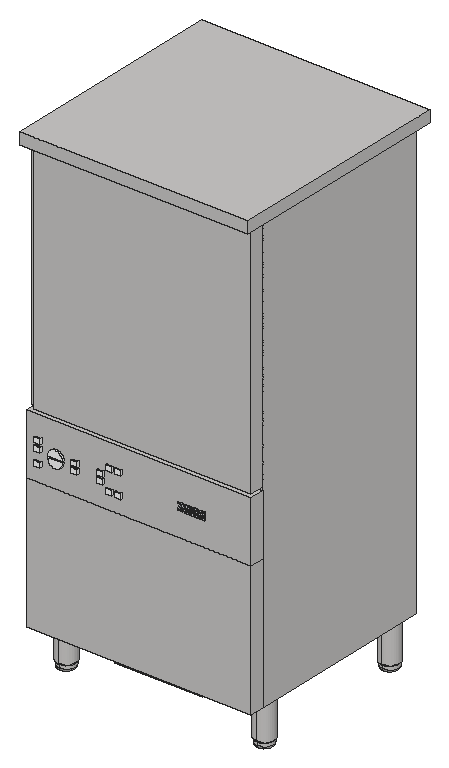
Revit family "QF_ELECTROLUXPROFESSIONAL_726622_RBC101", category Specialty Equipment, Revit 2018
Family settings
  Round Connector Dimension = Use Diameter
  Part Type = Normal
  Work Plane-Based = No
  Always vertical = Yes
  Cut with Voids When Loaded = No
  Shared = No
  Room Calculation Point = No
Parameters (values of type "Standard")
  Weight = 273.373 lbm
  Watts = 0 W
  Volts = 220 V
  URL Manufacturer = "http://professional.electrolux.com"
  URL = "http://professional.electrolux.com"
  Steam Supply Size = 0"
  Steam Supply Minimum Pressure = 0.00 psi
  Steam Supply Maximum Pressure = 0.00 psi
  Steam Pounds per Hour = 0
  Show Clearance [instance] = yes
  Refrigeration Suction Line Size = 0 mm
  Refrigeration Liquid Line Size = 0 mm
  Refrigerant Compressor Remote = yes
  Phase = 1
  Model = "RBC101"
  Manufacturer = "Electrolux Professional"
  Length Actual = 760 mm  # constant formula
  Item Number = "726622"
  Hot Water Size = 0"
  Height Actual = 1640 mm  # constant formula
  HP = "1.6 HP"
  Gas Size = 0"
  Gas KW = 0
  Gas Input Pressure = 0.0 Btu/h
  Direct Waste Size = 0"
  Description = "BLAST CHILLER 28KG 10GN1/1-R134A"
  Depth Actual = 760 mm  # constant formula
  Cycle = 50 Hz
  Condensate Return Size = 0"
  Compressed Air Volume = 0 GPM
  Compressed Air Size = 0"
  Compressed Air Pressure = 0.00 psi
  Cold Water Size = 0"
  Accessory = yes
Reference planes
  plane 1 "BACK": y = 0
  plane 2: z = 0
  plane 3 "LEFT": x = 0
  plane 4 "RIGHT": x = 760
  plane 5 "FRONT": y = -760
  plane 6 "TOP": z = 1640
  plane 7 "Center Y": x = 380
  plane 8 "Center X": y = -380
  plane 9: x = 49
  plane 10: x = 711
  plane 11: z = 150
  plane 12: z = 86
  plane 13: y = -50
  plane 14: y = -760
  plane 15: y = -689
  plane 16: y = -435
  plane 17: y = -1450
Forms (mm)
  Extrusion 1, solid, material "QF_Metal - Stainless - Polished"
    sketch origin (0, 0, 0) x (1, 0, 0) y (0, 0, 1)
      loop
        line (6.35, 1600) -> (6.35, 150) -> (753.65, 150) -> (753.65, 1600) -> (6.35, 1600)
    from 50 to 689
  Revolve 2, solid, material "QF_Metal - Stainless - Polished"
    sketch origin (49, -14.833, 0) x (0, 1, 0) y (0, 0, 1)
      loop
        line (-650.954, 150) -> (-650.954, 145.008) -> (-645.28, 145.008) -> (-645.28, 21.074) -> (-641.767, 17.561) -> (-641.767, 6.021)
        arc (-641.767, 6.021) -> (-640.973, 2.655) -> (-638.757, 0) r 7.527
        line (-638.757, 0) -> (-613.167, 0) -> (-613.167, 150) -> (-650.954, 150)
      axis (-613.167, 0) -> (-613.167, 150)
    angle from 0 to 360
  Revolve 3, solid, material "QF_Metal - Stainless - Polished"
    sketch origin (49, -791.167, 0) x (0, -1, 0) y (0, 0, 1)
      loop
        line (-724.954, 150) -> (-724.954, 145.008) -> (-719.28, 145.008) -> (-719.28, 21.074) -> (-715.767, 17.561) -> (-715.767, 6.021)
        arc (-715.767, 6.021) -> (-714.973, 2.655) -> (-712.757, 0) r 7.527
        line (-712.757, 0) -> (-687.167, 0) -> (-687.167, 150) -> (-724.954, 150)
      axis (-687.167, 0) -> (-687.167, 150)
    angle from 0 to 360
  Extrusion 4, solid, material "QF_Metal - Stainless - Polished"
    sketch origin (1.039, 0, 0) x (1, 0, 0) y (0, 0, 1)
      loop
        line (200.815, 150) -> (200.815, 120.527) -> (558.815, 120.527) -> (558.815, 150) -> (552.415, 150) -> (552.415, 126.927) -> (207.215, 126.927) -> (207.215, 150) -> (200.815, 150)
    from 218.729 to 655.055
  Extrusion 5, solid, material "QF_Metal - Stainless - Polished"
    sketch origin (1.039, 0, 0) x (1, 0, 0) y (0, 0, 1)
      loop
        line (238.429, 120.527) -> (232.029, 120.527) -> (232.029, 86) -> (524.894, 86) -> (524.894, 120.527) -> (518.494, 120.527) -> (518.494, 95.527) -> (238.429, 95.527) -> (238.429, 120.527)
    from 333.038 to 655.055
  Extrusion 6, solid, material "QF_Metal - Stainless - Polished"
    sketch origin (0, -130, 0) x (1, 0, 0) y (0, 1, 0)
      loop
        circle (380, -305) r 20
    from 138.473 to 150
  Revolve 7, solid, material "QF_Metal - Stainless - Polished"
    sketch origin (711, -14.833, 0) x (0, 1, 0) y (0, 0, -1)
      loop
        line (-650.954, -150) -> (-613.167, -150) -> (-613.167, 0) -> (-638.757, 0)
        arc (-638.757, 0) -> (-640.973, -2.655) -> (-641.767, -6.021) r 7.527
        line (-641.767, -6.021) -> (-641.767, -17.561) -> (-645.28, -21.074) -> (-645.28, -145.008) -> (-650.954, -145.008) -> (-650.954, -150)
      axis (-613.167, 0) -> (-613.167, -150)
    angle from 0 to 360
  Revolve 8, solid, material "QF_Metal - Stainless - Polished"
    sketch origin (711, -791.167, 0) x (0, -1, 0) y (0, 0, 1)
      loop
        line (-724.954, 150) -> (-724.954, 145.008) -> (-719.28, 145.008) -> (-719.28, 21.074) -> (-715.767, 17.561) -> (-715.767, 6.021)
        arc (-715.767, 6.021) -> (-714.973, 2.655) -> (-712.757, 0) r 7.527
        line (-712.757, 0) -> (-687.167, 0) -> (-687.167, 150) -> (-724.954, 150)
      axis (-687.167, 0) -> (-687.167, 150)
    angle from 0 to 360
  Extrusion 9, solid, material "QF_Metal - Stainless - Polished"
    sketch origin (0, -50, -1260) x (1, 0, 0) y (0, 0, 1)
      loop
        circle (380, 1447.083) r 20
    from -7.507 to 0
  Extrusion 10, solid, material "QF_Door-Drawer Clearances", visible <- "Show Clearance", detail levels coarse
    sketch origin (0, 0, 0) x (1, 0, 0) y (0, 1, 0)
      loop
        line (753.65, -739) -> (6.35, -739)
        arc (6.35, -739) -> (231.171, -1250.927) -> (753.65, -1450) r 723.927
        line (753.65, -1450) -> (753.65, -739)
    from 810.198 to 1600
  Extrusion 11, solid, material "QF_Metal - Stainless - Polished"
    sketch origin (0, 0, 1600) x (1, 0, 0) y (0, 1, 0)
      loop
        line (0, 0) -> (0, -760) -> (760, -760) -> (760, 0) -> (0, 0)
    from 0 to 40
  Extrusion 12, solid, material "QF_Metal - Stainless - Polished"
    sketch origin (0, 0, 0) x (1, 0, 0) y (0, 1, 0)
      loop
        line (753.65, -689) -> (5.35, -689) -> (5.35, -714)
        arc (5.35, -714) -> (12.85, -721.5) -> (20.35, -714) r 7.5
        line (20.35, -714) -> (20.35, -712.023)
        arc (20.35, -712.023) -> (22.7, -706.35) -> (28.373, -704) r 8.023
        line (28.373, -704) -> (49, -704)
        arc (49, -704) -> (57.125, -712.125) -> (49, -720.25) r 8.125
        line (49, -720.25) -> (42.056, -720.25)
        arc (42.056, -720.25) -> (32.824, -724.074) -> (29, -733.306) r 13.056
        line (29, -733.306) -> (29, -739) -> (753.65, -739) -> (753.65, -689)
    from 810.198 to 1600
  Extrusion 13, solid, material "QF_Metal - Stainless - Polished"
    sketch origin (0, 74.472, -170.772) x (1, 0, 0) y (0, 0, 1)
      loop
        line (6.35, 970) -> (6.35, 766.772) -> (753.65, 766.772) -> (753.65, 970) -> (6.35, 970)
    from 763.472 to 813.472
  Extrusion 14, solid, material "QF_Plastic - White - Smooth"
    sketch origin (-40, -739, 114.139) x (1, 0, 0) y (0, 0, 1)
      loop
        line (74.078, 617.851) -> (74.078, 601.601) -> (94.078, 601.601) -> (94.078, 617.851) -> (74.078, 617.851)
      loop
        line (74.078, 547.851) -> (74.078, 531.601) -> (94.078, 531.601) -> (94.078, 547.851) -> (74.078, 547.851)
      loop
        line (74.078, 592.851) -> (74.078, 576.601) -> (94.078, 576.601) -> (94.078, 592.851) -> (74.078, 592.851)
      loop
        line (119.078, 576.601) -> (169.078, 576.601)
        arc (169.078, 576.601) -> (144.078, 601.601) -> (119.078, 576.601) r 25
      loop
        arc (119.078, 571.601) -> (144.078, 546.601) -> (169.078, 571.601) r 25
        line (169.078, 571.601) -> (119.078, 571.601)
      loop
        line (197.715, 592.851) -> (197.715, 576.601) -> (217.715, 576.601) -> (217.715, 592.851) -> (197.715, 592.851)
      loop
        line (197.715, 570.081) -> (197.715, 553.831) -> (217.715, 553.831) -> (217.715, 570.081) -> (197.715, 570.081)
      loop
        line (282.715, 592.851) -> (282.715, 576.601) -> (302.715, 576.601) -> (302.715, 592.851) -> (282.715, 592.851)
      loop
        line (282.715, 570.081) -> (282.715, 553.831) -> (302.715, 553.831) -> (302.715, 570.081) -> (282.715, 570.081)
      loop
        line (313.587, 617.851) -> (313.587, 601.601) -> (333.587, 601.601) -> (333.587, 617.851) -> (313.587, 617.851)
      loop
        line (343.587, 617.851) -> (343.587, 601.601) -> (363.587, 601.601) -> (363.587, 617.851) -> (343.587, 617.851)
      loop
        line (313.587, 547.851) -> (313.587, 531.601) -> (333.587, 531.601) -> (333.587, 547.851) -> (313.587, 547.851)
      loop
        line (343.587, 547.851) -> (343.587, 531.601) -> (363.587, 531.601) -> (363.587, 547.851) -> (343.587, 547.851)
    from 0 to 4.861
  Extrusion 15, solid, material "QF_Metal - Stainless - Polished"
    sketch origin (0, 74.472, -363.03) x (1, 0, 0) y (0, 0, 1)
      loop
        line (6.35, 959.03) -> (6.35, 513.03) -> (753.65, 513.03) -> (753.65, 959.03) -> (6.35, 959.03)
    from 763.472 to 813.472
Lines and regions (mm)
  Split face 1
    outline origin (0, -739, -170.772) x (1, 0, 0) y (0, 0, 1)
      loop
        line (33.078, 905.06) -> (33.078, 814.512) -> (326.587, 814.512) -> (326.587, 905.06) -> (33.078, 905.06)
  Split face 2
    outline origin (-9.159, -739, -363.03) x (1, 0, 0) y (0, 0, 1)
      loop
        line (129.159, 912.765) -> (129.159, 897.765) -> (209.159, 897.765) -> (209.159, 912.765) -> (129.159, 912.765)
  Split face 3
    outline origin (-9.159, -739, -383.03) x (1, 0, 0) y (0, 0, 1)
      loop
        line (129.159, 912.765) -> (129.159, 897.765) -> (209.159, 897.765) -> (209.159, 912.765) -> (129.159, 912.765)
  Split face 4
    outline origin (-9.159, -739, -403.03) x (1, 0, 0) y (0, 0, 1)
      loop
        line (129.159, 912.765) -> (129.159, 897.765) -> (209.159, 897.765) -> (209.159, 912.765) -> (129.159, 912.765)
  Split face 5
    outline origin (-9.159, -739, -438.03) x (1, 0, 0) y (0, 0, 1)
      loop
        line (129.159, 912.765) -> (129.159, 897.765) -> (209.159, 897.765) -> (209.159, 912.765) -> (129.159, 912.765)
  Split face 6
    outline origin (-9.159, -739, -458.03) x (1, 0, 0) y (0, 0, 1)
      loop
        line (129.159, 912.765) -> (129.159, 897.765) -> (209.159, 897.765) -> (209.159, 912.765) -> (129.159, 912.765)
  Split face 7
    outline origin (-9.159, -739, -478.03) x (1, 0, 0) y (0, 0, 1)
      loop
        line (129.159, 912.765) -> (129.159, 897.765) -> (209.159, 897.765) -> (209.159, 912.765) -> (129.159, 912.765)
  Split face 8
    outline origin (-9.159, -739, -513.03) x (1, 0, 0) y (0, 0, 1)
      loop
        line (129.159, 912.765) -> (129.159, 897.765) -> (209.159, 897.765) -> (209.159, 912.765) -> (129.159, 912.765)
  Split face 9
    outline origin (-9.159, -739, -533.03) x (1, 0, 0) y (0, 0, 1)
      loop
        line (129.159, 912.765) -> (129.159, 897.765) -> (209.159, 897.765) -> (209.159, 912.765) -> (129.159, 912.765)
  Split face 10
    outline origin (-9.159, -739, -553.03) x (1, 0, 0) y (0, 0, 1)
      loop
        line (129.159, 912.765) -> (129.159, 897.765) -> (209.159, 897.765) -> (209.159, 912.765) -> (129.159, 912.765)
  Split face 11
    outline origin (-9.159, -739, -588.03) x (1, 0, 0) y (0, 0, 1)
      loop
        line (129.159, 912.765) -> (129.159, 897.765) -> (209.159, 897.765) -> (209.159, 912.765) -> (129.159, 912.765)
  Split face 12
    outline origin (-9.159, -739, -608.03) x (1, 0, 0) y (0, 0, 1)
      loop
        line (129.159, 912.765) -> (129.159, 897.765) -> (209.159, 897.765) -> (209.159, 912.765) -> (129.159, 912.765)
  Split face 13
    outline origin (-9.159, -739, -628.03) x (1, 0, 0) y (0, 0, 1)
      loop
        line (129.159, 912.765) -> (129.159, 897.765) -> (209.159, 897.765) -> (209.159, 912.765) -> (129.159, 912.765)
  Split face 14
    outline origin (-9.159, -739, -663.03) x (1, 0, 0) y (0, 0, 1)
      loop
        line (129.159, 912.765) -> (129.159, 897.765) -> (209.159, 897.765) -> (209.159, 912.765) -> (129.159, 912.765)
  Split face 15
    outline origin (-9.159, -739, -683.03) x (1, 0, 0) y (0, 0, 1)
      loop
        line (129.159, 912.765) -> (129.159, 897.765) -> (209.159, 897.765) -> (209.159, 912.765) -> (129.159, 912.765)
  Split face 16
    outline origin (-9.159, -739, -703.03) x (1, 0, 0) y (0, 0, 1)
      loop
        line (129.159, 912.765) -> (129.159, 897.765) -> (209.159, 897.765) -> (209.159, 912.765) -> (129.159, 912.765)
  Split face 17
    outline origin (100.841, -739, -363.03) x (1, 0, 0) y (0, 0, 1)
      loop
        line (129.159, 912.765) -> (129.159, 897.765) -> (209.159, 897.765) -> (209.159, 912.765) -> (129.159, 912.765)
  Split face 18
    outline origin (100.841, -739, -383.03) x (1, 0, 0) y (0, 0, 1)
      loop
        line (129.159, 912.765) -> (129.159, 897.765) -> (209.159, 897.765) -> (209.159, 912.765) -> (129.159, 912.765)
  Split face 19
    outline origin (100.841, -739, -403.03) x (1, 0, 0) y (0, 0, 1)
      loop
        line (129.159, 912.765) -> (129.159, 897.765) -> (209.159, 897.765) -> (209.159, 912.765) -> (129.159, 912.765)
  Split face 20
    outline origin (100.841, -739, -438.03) x (1, 0, 0) y (0, 0, 1)
      loop
        line (129.159, 912.765) -> (129.159, 897.765) -> (209.159, 897.765) -> (209.159, 912.765) -> (129.159, 912.765)
  Split face 21
    outline origin (100.841, -739, -458.03) x (1, 0, 0) y (0, 0, 1)
      loop
        line (129.159, 912.765) -> (129.159, 897.765) -> (209.159, 897.765) -> (209.159, 912.765) -> (129.159, 912.765)
  Split face 22
    outline origin (100.841, -739, -478.03) x (1, 0, 0) y (0, 0, 1)
      loop
        line (129.159, 912.765) -> (129.159, 897.765) -> (209.159, 897.765) -> (209.159, 912.765) -> (129.159, 912.765)
  Split face 23
    outline origin (100.841, -739, -513.03) x (1, 0, 0) y (0, 0, 1)
      loop
        line (129.159, 912.765) -> (129.159, 897.765) -> (209.159, 897.765) -> (209.159, 912.765) -> (129.159, 912.765)
  Split face 24
    outline origin (100.841, -739, -533.03) x (1, 0, 0) y (0, 0, 1)
      loop
        line (129.159, 912.765) -> (129.159, 897.765) -> (209.159, 897.765) -> (209.159, 912.765) -> (129.159, 912.765)
  Split face 25
    outline origin (100.841, -739, -553.03) x (1, 0, 0) y (0, 0, 1)
      loop
        line (129.159, 912.765) -> (129.159, 897.765) -> (209.159, 897.765) -> (209.159, 912.765) -> (129.159, 912.765)
  Split face 26
    outline origin (100.841, -739, -588.03) x (1, 0, 0) y (0, 0, 1)
      loop
        line (129.159, 912.765) -> (129.159, 897.765) -> (209.159, 897.765) -> (209.159, 912.765) -> (129.159, 912.765)
  Split face 27
    outline origin (100.841, -739, -608.03) x (1, 0, 0) y (0, 0, 1)
      loop
        line (129.159, 912.765) -> (129.159, 897.765) -> (209.159, 897.765) -> (209.159, 912.765) -> (129.159, 912.765)
  Split face 28
    outline origin (100.841, -739, -628.03) x (1, 0, 0) y (0, 0, 1)
      loop
        line (129.159, 912.765) -> (129.159, 897.765) -> (209.159, 897.765) -> (209.159, 912.765) -> (129.159, 912.765)
  Split face 29
    outline origin (100.841, -739, -663.03) x (1, 0, 0) y (0, 0, 1)
      loop
        line (129.159, 912.765) -> (129.159, 897.765) -> (209.159, 897.765) -> (209.159, 912.765) -> (129.159, 912.765)
  Split face 30
    outline origin (100.841, -739, -683.03) x (1, 0, 0) y (0, 0, 1)
      loop
        line (129.159, 912.765) -> (129.159, 897.765) -> (209.159, 897.765) -> (209.159, 912.765) -> (129.159, 912.765)
  Split face 31
    outline origin (100.841, -739, -703.03) x (1, 0, 0) y (0, 0, 1)
      loop
        line (129.159, 912.765) -> (129.159, 897.765) -> (209.159, 897.765) -> (209.159, 912.765) -> (129.159, 912.765)
  Split face 32
    outline origin (210.841, -739, -363.03) x (1, 0, 0) y (0, 0, 1)
      loop
        line (129.159, 912.765) -> (129.159, 897.765) -> (209.159, 897.765) -> (209.159, 912.765) -> (129.159, 912.765)
  Split face 33
    outline origin (210.841, -739, -383.03) x (1, 0, 0) y (0, 0, 1)
      loop
        line (129.159, 912.765) -> (129.159, 897.765) -> (209.159, 897.765) -> (209.159, 912.765) -> (129.159, 912.765)
  Split face 34
    outline origin (210.841, -739, -403.03) x (1, 0, 0) y (0, 0, 1)
      loop
        line (129.159, 912.765) -> (129.159, 897.765) -> (209.159, 897.765) -> (209.159, 912.765) -> (129.159, 912.765)
  Split face 35
    outline origin (210.841, -739, -438.03) x (1, 0, 0) y (0, 0, 1)
      loop
        line (129.159, 912.765) -> (129.159, 897.765) -> (209.159, 897.765) -> (209.159, 912.765) -> (129.159, 912.765)
  Split face 36
    outline origin (210.841, -739, -458.03) x (1, 0, 0) y (0, 0, 1)
      loop
        line (129.159, 912.765) -> (129.159, 897.765) -> (209.159, 897.765) -> (209.159, 912.765) -> (129.159, 912.765)
  Split face 37
    outline origin (210.841, -739, -478.03) x (1, 0, 0) y (0, 0, 1)
      loop
        line (129.159, 912.765) -> (129.159, 897.765) -> (209.159, 897.765) -> (209.159, 912.765) -> (129.159, 912.765)
  Split face 38
    outline origin (210.841, -739, -513.03) x (1, 0, 0) y (0, 0, 1)
      loop
        line (129.159, 912.765) -> (129.159, 897.765) -> (209.159, 897.765) -> (209.159, 912.765) -> (129.159, 912.765)
  Split face 39
    outline origin (210.841, -739, -533.03) x (1, 0, 0) y (0, 0, 1)
      loop
        line (129.159, 912.765) -> (129.159, 897.765) -> (209.159, 897.765) -> (209.159, 912.765) -> (129.159, 912.765)
  Split face 40
    outline origin (210.841, -739, -553.03) x (1, 0, 0) y (0, 0, 1)
      loop
        line (129.159, 912.765) -> (129.159, 897.765) -> (209.159, 897.765) -> (209.159, 912.765) -> (129.159, 912.765)
  Split face 41
    outline origin (210.841, -739, -588.03) x (1, 0, 0) y (0, 0, 1)
      loop
        line (129.159, 912.765) -> (129.159, 897.765) -> (209.159, 897.765) -> (209.159, 912.765) -> (129.159, 912.765)
  Split face 42
    outline origin (210.841, -739, -608.03) x (1, 0, 0) y (0, 0, 1)
      loop
        line (129.159, 912.765) -> (129.159, 897.765) -> (209.159, 897.765) -> (209.159, 912.765) -> (129.159, 912.765)
  Split face 43
    outline origin (210.841, -739, -628.03) x (1, 0, 0) y (0, 0, 1)
      loop
        line (129.159, 912.765) -> (129.159, 897.765) -> (209.159, 897.765) -> (209.159, 912.765) -> (129.159, 912.765)
  Split face 44
    outline origin (210.841, -739, -663.03) x (1, 0, 0) y (0, 0, 1)
      loop
        line (129.159, 912.765) -> (129.159, 897.765) -> (209.159, 897.765) -> (209.159, 912.765) -> (129.159, 912.765)
  Split face 45
    outline origin (210.841, -739, -683.03) x (1, 0, 0) y (0, 0, 1)
      loop
        line (129.159, 912.765) -> (129.159, 897.765) -> (209.159, 897.765) -> (209.159, 912.765) -> (129.159, 912.765)
  Split face 46
    outline origin (210.841, -739, -703.03) x (1, 0, 0) y (0, 0, 1)
      loop
        line (129.159, 912.765) -> (129.159, 897.765) -> (209.159, 897.765) -> (209.159, 912.765) -> (129.159, 912.765)
  Split face 47
    outline origin (320.841, -739, -363.03) x (1, 0, 0) y (0, 0, 1)
      loop
        line (129.159, 912.765) -> (129.159, 897.765) -> (209.159, 897.765) -> (209.159, 912.765) -> (129.159, 912.765)
  Split face 48
    outline origin (320.841, -739, -383.03) x (1, 0, 0) y (0, 0, 1)
      loop
        line (129.159, 912.765) -> (129.159, 897.765) -> (209.159, 897.765) -> (209.159, 912.765) -> (129.159, 912.765)
  Split face 49
    outline origin (320.841, -739, -403.03) x (1, 0, 0) y (0, 0, 1)
      loop
        line (129.159, 912.765) -> (129.159, 897.765) -> (209.159, 897.765) -> (209.159, 912.765) -> (129.159, 912.765)
  Split face 50
    outline origin (320.841, -739, -438.03) x (1, 0, 0) y (0, 0, 1)
      loop
        line (129.159, 912.765) -> (129.159, 897.765) -> (209.159, 897.765) -> (209.159, 912.765) -> (129.159, 912.765)
  Split face 51
    outline origin (320.841, -739, -458.03) x (1, 0, 0) y (0, 0, 1)
      loop
        line (129.159, 912.765) -> (129.159, 897.765) -> (209.159, 897.765) -> (209.159, 912.765) -> (129.159, 912.765)
  Split face 52
    outline origin (320.841, -739, -478.03) x (1, 0, 0) y (0, 0, 1)
      loop
        line (129.159, 912.765) -> (129.159, 897.765) -> (209.159, 897.765) -> (209.159, 912.765) -> (129.159, 912.765)
  Split face 53
    outline origin (320.841, -739, -513.03) x (1, 0, 0) y (0, 0, 1)
      loop
        line (129.159, 912.765) -> (129.159, 897.765) -> (209.159, 897.765) -> (209.159, 912.765) -> (129.159, 912.765)
  Split face 54
    outline origin (320.841, -739, -533.03) x (1, 0, 0) y (0, 0, 1)
      loop
        line (129.159, 912.765) -> (129.159, 897.765) -> (209.159, 897.765) -> (209.159, 912.765) -> (129.159, 912.765)
  Split face 55
    outline origin (320.841, -739, -553.03) x (1, 0, 0) y (0, 0, 1)
      loop
        line (129.159, 912.765) -> (129.159, 897.765) -> (209.159, 897.765) -> (209.159, 912.765) -> (129.159, 912.765)
  Split face 56
    outline origin (320.841, -739, -588.03) x (1, 0, 0) y (0, 0, 1)
      loop
        line (129.159, 912.765) -> (129.159, 897.765) -> (209.159, 897.765) -> (209.159, 912.765) -> (129.159, 912.765)
  Split face 57
    outline origin (320.841, -739, -608.03) x (1, 0, 0) y (0, 0, 1)
      loop
        line (129.159, 912.765) -> (129.159, 897.765) -> (209.159, 897.765) -> (209.159, 912.765) -> (129.159, 912.765)
  Split face 58
    outline origin (320.841, -739, -628.03) x (1, 0, 0) y (0, 0, 1)
      loop
        line (129.159, 912.765) -> (129.159, 897.765) -> (209.159, 897.765) -> (209.159, 912.765) -> (129.159, 912.765)
  Split face 59
    outline origin (320.841, -739, -663.03) x (1, 0, 0) y (0, 0, 1)
      loop
        line (129.159, 912.765) -> (129.159, 897.765) -> (209.159, 897.765) -> (209.159, 912.765) -> (129.159, 912.765)
  Split face 60
    outline origin (320.841, -739, -683.03) x (1, 0, 0) y (0, 0, 1)
      loop
        line (129.159, 912.765) -> (129.159, 897.765) -> (209.159, 897.765) -> (209.159, 912.765) -> (129.159, 912.765)
  Split face 61
    outline origin (320.841, -739, -703.03) x (1, 0, 0) y (0, 0, 1)
      loop
        line (129.159, 912.765) -> (129.159, 897.765) -> (209.159, 897.765) -> (209.159, 912.765) -> (129.159, 912.765)
  Split face 62
    outline origin (430.841, -739, -363.03) x (1, 0, 0) y (0, 0, 1)
      loop
        line (129.159, 912.765) -> (129.159, 897.765) -> (209.159, 897.765) -> (209.159, 912.765) -> (129.159, 912.765)
  Split face 63
    outline origin (430.841, -739, -383.03) x (1, 0, 0) y (0, 0, 1)
      loop
        line (129.159, 912.765) -> (129.159, 897.765) -> (209.159, 897.765) -> (209.159, 912.765) -> (129.159, 912.765)
  Split face 64
    outline origin (430.841, -739, -403.03) x (1, 0, 0) y (0, 0, 1)
      loop
        line (129.159, 912.765) -> (129.159, 897.765) -> (209.159, 897.765) -> (209.159, 912.765) -> (129.159, 912.765)
  Split face 65
    outline origin (430.841, -739, -438.03) x (1, 0, 0) y (0, 0, 1)
      loop
        line (129.159, 912.765) -> (129.159, 897.765) -> (209.159, 897.765) -> (209.159, 912.765) -> (129.159, 912.765)
  Split face 66
    outline origin (430.841, -739, -458.03) x (1, 0, 0) y (0, 0, 1)
      loop
        line (129.159, 912.765) -> (129.159, 897.765) -> (209.159, 897.765) -> (209.159, 912.765) -> (129.159, 912.765)
  Split face 67
    outline origin (430.841, -739, -478.03) x (1, 0, 0) y (0, 0, 1)
      loop
        line (129.159, 912.765) -> (129.159, 897.765) -> (209.159, 897.765) -> (209.159, 912.765) -> (129.159, 912.765)
  Split face 68
    outline origin (430.841, -739, -513.03) x (1, 0, 0) y (0, 0, 1)
      loop
        line (129.159, 912.765) -> (129.159, 897.765) -> (209.159, 897.765) -> (209.159, 912.765) -> (129.159, 912.765)
  Split face 69
    outline origin (430.841, -739, -533.03) x (1, 0, 0) y (0, 0, 1)
      loop
        line (129.159, 912.765) -> (129.159, 897.765) -> (209.159, 897.765) -> (209.159, 912.765) -> (129.159, 912.765)
  Split face 70
    outline origin (430.841, -739, -553.03) x (1, 0, 0) y (0, 0, 1)
      loop
        line (129.159, 912.765) -> (129.159, 897.765) -> (209.159, 897.765) -> (209.159, 912.765) -> (129.159, 912.765)
  Split face 71
    outline origin (430.841, -739, -588.03) x (1, 0, 0) y (0, 0, 1)
      loop
        line (129.159, 912.765) -> (129.159, 897.765) -> (209.159, 897.765) -> (209.159, 912.765) -> (129.159, 912.765)
  Split face 72
    outline origin (430.841, -739, -608.03) x (1, 0, 0) y (0, 0, 1)
      loop
        line (129.159, 912.765) -> (129.159, 897.765) -> (209.159, 897.765) -> (209.159, 912.765) -> (129.159, 912.765)
  Split face 73
    outline origin (430.841, -739, -628.03) x (1, 0, 0) y (0, 0, 1)
      loop
        line (129.159, 912.765) -> (129.159, 897.765) -> (209.159, 897.765) -> (209.159, 912.765) -> (129.159, 912.765)
  Split face 74
    outline origin (430.841, -739, -663.03) x (1, 0, 0) y (0, 0, 1)
      loop
        line (129.159, 912.765) -> (129.159, 897.765) -> (209.159, 897.765) -> (209.159, 912.765) -> (129.159, 912.765)
  Split face 75
    outline origin (430.841, -739, -683.03) x (1, 0, 0) y (0, 0, 1)
      loop
        line (129.159, 912.765) -> (129.159, 897.765) -> (209.159, 897.765) -> (209.159, 912.765) -> (129.159, 912.765)
  Split face 76
    outline origin (430.841, -739, -703.03) x (1, 0, 0) y (0, 0, 1)
      loop
        line (129.159, 912.765) -> (129.159, 897.765) -> (209.159, 897.765) -> (209.159, 912.765) -> (129.159, 912.765)
  symbolic lines
    curve 1: line (0, 0, 0) -> (0, -760, 0)
    curve 2: line (760, 0, 0) -> (0, 0, 0)
    curve 3: line (760, -760, 0) -> (760, 0, 0)
    curve 4: line (0, -760, 0) -> (760, -760, 0)
  symbolic lines, style "QF_Door-Drawer Clearances"
    curve 5: line (753.65, -760, 0) -> (753.65, -1450.558, 0)
    curve 6: arc (8.021, -760, 0) -> (239.3, -1258.101, 0) -> (753.65, -1450.558, 0) r 723.961
Dimensions and locks
  equal spacing: plane 3 "LEFT", plane 7 "Center Y", plane 4 "RIGHT"
  plane 3 "LEFT" to plane 4 "RIGHT" = 760 mm
  equal spacing: plane 5 "FRONT", plane 8 "Center X", plane 1 "BACK"
  plane 5 "FRONT" to plane 1 "BACK" = 760 mm
  plane 6 "TOP" to level = 1640 mm
  plane 9 to plane 3 "LEFT" = 49 mm
  plane 10 to plane 4 "RIGHT" = 49 mm
  plane 10 to plane 9 = 662 mm
  plane 11 to level = 150 mm
  plane 12 to plane 11 = 64 mm
  plane 1 "BACK" to plane 13 = 50 mm
  plane 13 to plane 15 = 639 mm
  plane 16 to plane 1 "BACK" = 435 mm
  plane 17 to plane 1 "BACK" = 1450 mm
  plane 3 "LEFT" to Extrusion 10 = 753.65 mm
  aligned and locked: level to plane 2
Automatic sketch dimensions
  Extrusion 1 sketch curve to plane 11 = 0 mm
  plane 3 "LEFT" to Extrusion 1 sketch curve = 6.35 mm
  plane 4 "RIGHT" to Extrusion 1 sketch curve = 6.35 mm
  Extrusion 1 sketch curve to plane 6 "TOP" = 40 mm
  Revolve 2 sketch curve to plane 11 = 0 mm
  Revolve 2 sketch curve to level = 0 mm
  Revolve 2 sketch curve to plane 15 = 23.213 mm
  Revolve 2 sketch curve to Revolve 2 sketch curve = 5.674 mm
  Revolve 2 sketch curve to Revolve 2 sketch curve = 3.513 mm  (x2)
  Revolve 2 sketch curve to Revolve 2 sketch curve = 3.01 mm
  level to Revolve 2 sketch curve = 6.021 mm
  Revolve 2 sketch curve to Revolve 2 sketch curve = 21.073 mm
  Revolve 2 sketch curve to Revolve 2 sketch curve = 11.54 mm
  Revolve 2 sketch curve to plane 11 = 4.992 mm
  Revolve 2 sketch curve to Revolve 2 sketch curve = 0 mm
  Revolve 2 sketch curve to Revolve 2 sketch curve = 4.992 mm
  plane 11 to Revolve 2 sketch curve = 20.008 mm
  Revolve 3 sketch curve to plane 11 = 0 mm
  Revolve 3 sketch curve to level = 0 mm
  Revolve 3 sketch curve to plane 13 = 16.213 mm
  Revolve 3 sketch curve to Revolve 3 sketch curve = 5.674 mm
  Revolve 3 sketch curve to Revolve 3 sketch curve = 3.513 mm  (x2)
  Revolve 3 sketch curve to Revolve 3 sketch curve = 3.01 mm
  Revolve 3 sketch curve to level = 6.021 mm
  Revolve 3 sketch curve to Revolve 3 sketch curve = 21.073 mm
  Revolve 3 sketch curve to Revolve 3 sketch curve = 11.54 mm
  plane 11 to Revolve 3 sketch curve = 4.992 mm
  Revolve 3 sketch curve to Revolve 3 sketch curve = 0 mm
  Revolve 3 sketch curve to Revolve 3 sketch curve = 4.992 mm
  Revolve 3 sketch curve to plane 11 = 20.008 mm
  Extrusion 4 sketch curve to plane 11 = 0 mm  (x2)
  plane 9 to Extrusion 4 sketch curve = 152.853 mm
  Extrusion 4 sketch curve to Extrusion 4 sketch curve = 6.4 mm  (x3)
  plane 10 to Extrusion 4 sketch curve = 157.547 mm
  Extrusion 4 sketch curve to Extrusion 4 sketch curve = 23.073 mm
  Extrusion 5 sketch curve to plane 12 = 0 mm
  Extrusion 5 sketch curve to plane 11 = 29.473 mm
  Extrusion 5 sketch curve to plane 7 "Center Y" = 146.932 mm
  Extrusion 5 sketch curve to Extrusion 5 sketch curve = 6.4 mm  (x2)
  Extrusion 5 sketch curve to plane 12 = 9.527 mm
  plane 7 "Center Y" to Extrusion 5 sketch curve = 139.532 mm
  Extrusion 5 sketch curve to Extrusion 5 sketch curve = 25 mm
  Extrusion 6 sketch curve to plane 7 "Center Y" = 0 mm
  Extrusion 6 sketch curve to plane 16 = 0 mm
  plane 11 to Revolve 7 sketch curve = 0 mm
  Revolve 7 sketch curve to level = 0 mm
  Revolve 7 sketch curve to plane 15 = 23.213 mm
  Revolve 7 sketch curve to Revolve 7 sketch curve = 5.674 mm
  Revolve 7 sketch curve to Revolve 7 sketch curve = 3.513 mm  (x2)
  Revolve 7 sketch curve to Revolve 7 sketch curve = 3.01 mm
  level to Revolve 7 sketch curve = 6.021 mm
  Revolve 7 sketch curve to Revolve 7 sketch curve = 21.073 mm
  Revolve 7 sketch curve to plane 11 = 4.992 mm
  Revolve 7 sketch curve to Revolve 7 sketch curve = 15.053 mm
  Revolve 7 sketch curve to Revolve 7 sketch curve = 0 mm
  plane 11 to Revolve 7 sketch curve = 20.008 mm
  Revolve 7 sketch curve to Revolve 7 sketch curve = 4.992 mm
  Revolve 8 sketch curve to plane 11 = 0 mm
  Revolve 8 sketch curve to level = 0 mm
  plane 13 to Revolve 8 sketch curve = 16.213 mm
  Revolve 8 sketch curve to Revolve 8 sketch curve = 5.674 mm
  Revolve 8 sketch curve to Revolve 8 sketch curve = 3.513 mm  (x2)
  Revolve 8 sketch curve to Revolve 8 sketch curve = 3.01 mm
  level to Revolve 8 sketch curve = 6.021 mm
  Revolve 8 sketch curve to Revolve 8 sketch curve = 21.073 mm
  Revolve 8 sketch curve to Revolve 8 sketch curve = 11.54 mm
  Revolve 8 sketch curve to plane 11 = 4.992 mm  (x2)
  Revolve 8 sketch curve to Revolve 8 sketch curve = 0 mm
  Revolve 8 sketch curve to Revolve 8 sketch curve = 20.008 mm
  Extrusion 9 sketch curve to plane 7 "Center Y" = 0 mm
  Extrusion 9 sketch curve to plane 6 "TOP" = 1452.917 mm
  Extrusion 10 sketch curve to plane 17 = 0 mm
  plane 3 "LEFT" to Extrusion 10 sketch curve = 6.35 mm
  Extrusion 10 sketch curve to plane 10 = 19.168 mm
  plane 4 "RIGHT" to Extrusion 10 sketch curve = 6.35 mm
  Extrusion 10 sketch curve to plane 5 "FRONT" = 21 mm
  Extrusion 11 sketch curve to plane 3 "LEFT" = 0 mm
  Extrusion 11 sketch curve to plane 4 "RIGHT" = 0 mm
  plane 5 "FRONT" to Extrusion 11 sketch curve = 0 mm
  plane 1 "BACK" to Extrusion 11 sketch curve = 0 mm
  plane 15 to Extrusion 12 sketch curve = 0 mm
  Extrusion 12 sketch curve to plane 9 = 0 mm
  Extrusion 12 sketch curve to plane 9 = 6.944 mm
  Extrusion 12 sketch curve to Extrusion 12 sketch curve = 13.056 mm
  Extrusion 12 sketch curve to Extrusion 12 sketch curve = 13.683 mm
  Extrusion 12 sketch curve to Extrusion 12 sketch curve = 8.023 mm
  Extrusion 12 sketch curve to Extrusion 12 sketch curve = 7.5 mm
  plane 4 "RIGHT" to Extrusion 12 sketch curve = 6.35 mm
  plane 15 to Extrusion 12 sketch curve = 15 mm
  Extrusion 12 sketch curve to Extrusion 12 sketch curve = 8.125 mm
  Extrusion 12 sketch curve to Extrusion 12 sketch curve = 1.977 mm
  Extrusion 12 sketch curve to Extrusion 12 sketch curve = 5.694 mm
  plane 3 "LEFT" to Extrusion 13 sketch curve = 6.35 mm
  plane 4 "RIGHT" to Extrusion 13 sketch curve = 6.35 mm
  plane 11 to Extrusion 13 sketch curve = 446 mm
  Extrusion 13 sketch curve to Extrusion 13 sketch curve = 203.228 mm
  Split face 1 sketch curve to Extrusion 13 = 26.728 mm
  Split face 1 sketch curve to Extrusion 13 = 47.74 mm
  Split face 1 sketch curve to Split face 1 sketch curve = 293.509 mm
  Split face 1 sketch curve to Extrusion 13 = 64.94 mm
  Extrusion 14 sketch curve to plane 9 = 14.922 mm  (x2)
  Extrusion 14 sketch curve to Extrusion 14 sketch curve = 0 mm  (x12)
  plane 9 to Extrusion 14 sketch curve = 5.078 mm  (x3)
  Extrusion 14 sketch curve to Extrusion 14 sketch curve = 25 mm  (x2)
  Extrusion 14 sketch curve to Extrusion 14 sketch curve = 28.636 mm
  Extrusion 14 sketch curve to Extrusion 14 sketch curve = 20 mm  (x7)
  Extrusion 14 sketch curve to Extrusion 14 sketch curve = 65 mm
  Extrusion 14 sketch curve to Extrusion 14 sketch curve = 10.872 mm  (x2)
  Extrusion 14 sketch curve to Extrusion 14 sketch curve = 10 mm  (x2)
  plane 11 to Extrusion 14 sketch curve = 495.74 mm
  Extrusion 14 sketch curve to Extrusion 14 sketch curve = 16.25 mm  (x9)
  Extrusion 14 sketch curve to Extrusion 14 sketch curve = 5.98 mm
  Extrusion 14 sketch curve to Extrusion 14 sketch curve = 1.52 mm
  Extrusion 14 sketch curve to Extrusion 14 sketch curve = 6.52 mm  (x2)
  Extrusion 14 sketch curve to Extrusion 14 sketch curve = 5 mm  (x2)
  Extrusion 14 sketch curve to Extrusion 14 sketch curve = 8.75 mm  (x2)
  Extrusion 15 sketch curve to plane 11 = 0 mm
  plane 3 "LEFT" to Extrusion 15 sketch curve = 6.35 mm
  plane 4 "RIGHT" to Extrusion 15 sketch curve = 6.35 mm
  plane 11 to Extrusion 15 sketch curve = 446 mm
  Split face 2 sketch curve to Extrusion 15 = 61.265 mm
  Split face 2 sketch curve to Extrusion 15 = 113.65 mm
  Split face 2 sketch curve to Split face 2 sketch curve = 80 mm
  Split face 2 sketch curve to Split face 2 sketch curve = 15 mm
  Split face 3 sketch curve to Extrusion 15 = 113.65 mm
  Split face 3 sketch curve to Split face 3 sketch curve = 80 mm
  Split face 3 sketch curve to Extrusion 15 = 81.265 mm
  Split face 3 sketch curve to Split face 3 sketch curve = 15 mm
  Split face 4 sketch curve to Extrusion 15 = 113.65 mm
  Split face 4 sketch curve to Split face 4 sketch curve = 80 mm
  Split face 4 sketch curve to Extrusion 15 = 101.265 mm
  Split face 4 sketch curve to Split face 4 sketch curve = 15 mm
  Split face 5 sketch curve to Extrusion 15 = 113.65 mm
  Split face 5 sketch curve to Split face 5 sketch curve = 80 mm
  Split face 5 sketch curve to Extrusion 15 = 136.265 mm
  Split face 5 sketch curve to Split face 5 sketch curve = 15 mm
  Split face 6 sketch curve to Extrusion 15 = 113.65 mm
  Split face 6 sketch curve to Split face 6 sketch curve = 80 mm
  Split face 6 sketch curve to Extrusion 15 = 156.265 mm
  Split face 6 sketch curve to Split face 6 sketch curve = 15 mm
  Split face 7 sketch curve to Extrusion 15 = 113.65 mm
  Split face 7 sketch curve to Split face 7 sketch curve = 80 mm
  Split face 7 sketch curve to Extrusion 15 = 176.265 mm
  Split face 7 sketch curve to Split face 7 sketch curve = 15 mm
  Split face 8 sketch curve to Extrusion 15 = 113.65 mm
  Split face 8 sketch curve to Split face 8 sketch curve = 80 mm
  Split face 8 sketch curve to Extrusion 15 = 211.265 mm
  Split face 8 sketch curve to Split face 8 sketch curve = 15 mm
  Split face 9 sketch curve to Extrusion 15 = 113.65 mm
  Split face 9 sketch curve to Split face 9 sketch curve = 80 mm
  Split face 9 sketch curve to Extrusion 15 = 214.735 mm
  Split face 9 sketch curve to Split face 9 sketch curve = 15 mm
  Split face 10 sketch curve to Extrusion 15 = 113.65 mm
  Split face 10 sketch curve to Split face 10 sketch curve = 80 mm
  Split face 10 sketch curve to Extrusion 15 = 194.735 mm
  Split face 10 sketch curve to Split face 10 sketch curve = 15 mm
  Split face 11 sketch curve to Extrusion 15 = 113.65 mm
  Split face 11 sketch curve to Split face 11 sketch curve = 80 mm
  Split face 11 sketch curve to Extrusion 15 = 159.735 mm
  Split face 11 sketch curve to Split face 11 sketch curve = 15 mm
  Split face 12 sketch curve to Extrusion 15 = 113.65 mm
  Split face 12 sketch curve to Split face 12 sketch curve = 80 mm
  Split face 12 sketch curve to Extrusion 15 = 139.735 mm
  Split face 12 sketch curve to Split face 12 sketch curve = 15 mm
  Split face 13 sketch curve to Extrusion 15 = 113.65 mm
  Split face 13 sketch curve to Split face 13 sketch curve = 80 mm
  Split face 13 sketch curve to Extrusion 15 = 119.735 mm
  Split face 13 sketch curve to Split face 13 sketch curve = 15 mm
  Split face 14 sketch curve to Extrusion 15 = 113.65 mm
  Split face 14 sketch curve to Split face 14 sketch curve = 80 mm
  Split face 14 sketch curve to Extrusion 15 = 84.735 mm
  Split face 14 sketch curve to Split face 14 sketch curve = 15 mm
  Split face 15 sketch curve to Extrusion 15 = 113.65 mm
  Split face 15 sketch curve to Split face 15 sketch curve = 80 mm
  Split face 15 sketch curve to Extrusion 15 = 64.735 mm
  Split face 15 sketch curve to Split face 15 sketch curve = 15 mm
  Split face 16 sketch curve to Extrusion 15 = 44.735 mm
  Split face 16 sketch curve to Extrusion 15 = 113.65 mm
  Split face 16 sketch curve to Split face 16 sketch curve = 80 mm
  Split face 16 sketch curve to Split face 16 sketch curve = 15 mm
  Split face 17 sketch curve to Extrusion 15 = 61.265 mm
  Split face 17 sketch curve to Extrusion 15 = 223.65 mm
  Split face 17 sketch curve to Split face 17 sketch curve = 80 mm
  Split face 17 sketch curve to Split face 17 sketch curve = 15 mm
  Split face 18 sketch curve to Extrusion 15 = 81.265 mm
  Split face 18 sketch curve to Extrusion 15 = 223.65 mm
  Split face 18 sketch curve to Split face 18 sketch curve = 80 mm
  Split face 18 sketch curve to Split face 18 sketch curve = 15 mm
  Split face 19 sketch curve to Extrusion 15 = 101.265 mm
  Split face 19 sketch curve to Extrusion 15 = 223.65 mm
  Split face 19 sketch curve to Split face 19 sketch curve = 80 mm
  Split face 19 sketch curve to Split face 19 sketch curve = 15 mm
  Split face 20 sketch curve to Extrusion 15 = 223.65 mm
  Split face 20 sketch curve to Split face 20 sketch curve = 80 mm
  Split face 20 sketch curve to Extrusion 15 = 136.265 mm
  Split face 20 sketch curve to Split face 20 sketch curve = 15 mm
  Split face 21 sketch curve to Extrusion 15 = 223.65 mm
  Split face 21 sketch curve to Split face 21 sketch curve = 80 mm
  Split face 21 sketch curve to Extrusion 15 = 156.265 mm
  Split face 21 sketch curve to Split face 21 sketch curve = 15 mm
  Split face 22 sketch curve to Extrusion 15 = 223.65 mm
  Split face 22 sketch curve to Split face 22 sketch curve = 80 mm
  Split face 22 sketch curve to Extrusion 15 = 176.265 mm
  Split face 22 sketch curve to Split face 22 sketch curve = 15 mm
  Split face 23 sketch curve to Extrusion 15 = 223.65 mm
  Split face 23 sketch curve to Split face 23 sketch curve = 80 mm
  Split face 23 sketch curve to Extrusion 15 = 211.265 mm
  Split face 23 sketch curve to Split face 23 sketch curve = 15 mm
  Split face 24 sketch curve to Extrusion 15 = 223.65 mm
  Split face 24 sketch curve to Split face 24 sketch curve = 80 mm
  Split face 24 sketch curve to Extrusion 15 = 214.735 mm
  Split face 24 sketch curve to Split face 24 sketch curve = 15 mm
  Split face 25 sketch curve to Extrusion 15 = 223.65 mm
  Split face 25 sketch curve to Split face 25 sketch curve = 80 mm
  Split face 25 sketch curve to Extrusion 15 = 194.735 mm
  Split face 25 sketch curve to Split face 25 sketch curve = 15 mm
  Split face 26 sketch curve to Extrusion 15 = 223.65 mm
  Split face 26 sketch curve to Split face 26 sketch curve = 80 mm
  Split face 26 sketch curve to Extrusion 15 = 159.735 mm
  Split face 26 sketch curve to Split face 26 sketch curve = 15 mm
  Split face 27 sketch curve to Extrusion 15 = 223.65 mm
  Split face 27 sketch curve to Split face 27 sketch curve = 80 mm
  Split face 27 sketch curve to Extrusion 15 = 139.735 mm
  Split face 27 sketch curve to Split face 27 sketch curve = 15 mm
  Split face 28 sketch curve to Extrusion 15 = 223.65 mm
  Split face 28 sketch curve to Split face 28 sketch curve = 80 mm
  Split face 28 sketch curve to Extrusion 15 = 119.735 mm
  Split face 28 sketch curve to Split face 28 sketch curve = 15 mm
  Split face 29 sketch curve to Extrusion 15 = 84.735 mm
  Split face 29 sketch curve to Extrusion 15 = 223.65 mm
  Split face 29 sketch curve to Split face 29 sketch curve = 80 mm
  Split face 29 sketch curve to Split face 29 sketch curve = 15 mm
  Split face 30 sketch curve to Extrusion 15 = 64.735 mm
  Split face 30 sketch curve to Extrusion 15 = 223.65 mm
  Split face 30 sketch curve to Split face 30 sketch curve = 80 mm
  Split face 30 sketch curve to Split face 30 sketch curve = 15 mm
  Split face 31 sketch curve to Extrusion 15 = 44.735 mm
  Split face 31 sketch curve to Extrusion 15 = 223.65 mm
  Split face 31 sketch curve to Split face 31 sketch curve = 80 mm
  Split face 31 sketch curve to Split face 31 sketch curve = 15 mm
  Split face 32 sketch curve to Extrusion 15 = 61.265 mm
  Split face 32 sketch curve to Extrusion 15 = 333.65 mm
  Split face 32 sketch curve to Split face 32 sketch curve = 80 mm
  Split face 32 sketch curve to Split face 32 sketch curve = 15 mm
  Split face 33 sketch curve to Extrusion 15 = 81.265 mm
  Split face 33 sketch curve to Extrusion 15 = 333.65 mm
  Split face 33 sketch curve to Split face 33 sketch curve = 80 mm
  Split face 33 sketch curve to Split face 33 sketch curve = 15 mm
  Split face 34 sketch curve to Extrusion 15 = 101.265 mm
  Split face 34 sketch curve to Extrusion 15 = 333.65 mm
  Split face 34 sketch curve to Split face 34 sketch curve = 80 mm
  Split face 34 sketch curve to Split face 34 sketch curve = 15 mm
  Split face 35 sketch curve to Extrusion 15 = 136.265 mm
  Split face 35 sketch curve to Extrusion 15 = 333.65 mm
  Split face 35 sketch curve to Split face 35 sketch curve = 80 mm
  Split face 35 sketch curve to Split face 35 sketch curve = 15 mm
  Split face 36 sketch curve to Extrusion 15 = 156.265 mm
  Split face 36 sketch curve to Extrusion 15 = 333.65 mm
  Split face 36 sketch curve to Split face 36 sketch curve = 80 mm
  Split face 36 sketch curve to Split face 36 sketch curve = 15 mm
  Split face 37 sketch curve to Extrusion 15 = 333.65 mm
  Split face 37 sketch curve to Split face 37 sketch curve = 80 mm
  Split face 37 sketch curve to Extrusion 15 = 176.265 mm
  Split face 37 sketch curve to Split face 37 sketch curve = 15 mm
  Split face 38 sketch curve to Extrusion 15 = 333.65 mm
  Split face 38 sketch curve to Split face 38 sketch curve = 80 mm
  Split face 38 sketch curve to Extrusion 15 = 211.265 mm
  Split face 38 sketch curve to Split face 38 sketch curve = 15 mm
  Split face 39 sketch curve to Extrusion 15 = 333.65 mm
  Split face 39 sketch curve to Split face 39 sketch curve = 80 mm
  Split face 39 sketch curve to Extrusion 15 = 214.735 mm
  Split face 39 sketch curve to Split face 39 sketch curve = 15 mm
  Split face 40 sketch curve to Extrusion 15 = 333.65 mm
  Split face 40 sketch curve to Split face 40 sketch curve = 80 mm
  Split face 40 sketch curve to Extrusion 15 = 194.735 mm
  Split face 40 sketch curve to Split face 40 sketch curve = 15 mm
  Split face 41 sketch curve to Extrusion 15 = 159.735 mm
  Split face 41 sketch curve to Extrusion 15 = 333.65 mm
  Split face 41 sketch curve to Split face 41 sketch curve = 80 mm
  Split face 41 sketch curve to Split face 41 sketch curve = 15 mm
  Split face 42 sketch curve to Extrusion 15 = 139.735 mm
  Split face 42 sketch curve to Extrusion 15 = 333.65 mm
  Split face 42 sketch curve to Split face 42 sketch curve = 80 mm
  Split face 42 sketch curve to Split face 42 sketch curve = 15 mm
  Split face 43 sketch curve to Extrusion 15 = 119.735 mm
  Split face 43 sketch curve to Extrusion 15 = 333.65 mm
  Split face 43 sketch curve to Split face 43 sketch curve = 80 mm
  Split face 43 sketch curve to Split face 43 sketch curve = 15 mm
  Split face 44 sketch curve to Extrusion 15 = 84.735 mm
  Split face 44 sketch curve to Extrusion 15 = 333.65 mm
  Split face 44 sketch curve to Split face 44 sketch curve = 80 mm
  Split face 44 sketch curve to Split face 44 sketch curve = 15 mm
  Split face 45 sketch curve to Extrusion 15 = 64.735 mm
  Split face 45 sketch curve to Extrusion 15 = 333.65 mm
  Split face 45 sketch curve to Split face 45 sketch curve = 80 mm
  Split face 45 sketch curve to Split face 45 sketch curve = 15 mm
  Split face 46 sketch curve to Extrusion 15 = 44.735 mm
  Split face 46 sketch curve to Extrusion 15 = 333.65 mm
  Split face 46 sketch curve to Split face 46 sketch curve = 80 mm
  Split face 46 sketch curve to Split face 46 sketch curve = 15 mm
  Split face 47 sketch curve to Extrusion 15 = 61.265 mm
  Split face 47 sketch curve to Extrusion 15 = 303.65 mm
  Split face 47 sketch curve to Split face 47 sketch curve = 80 mm
  Split face 47 sketch curve to Split face 47 sketch curve = 15 mm
  Split face 48 sketch curve to Extrusion 15 = 81.265 mm
  Split face 48 sketch curve to Extrusion 15 = 303.65 mm
  Split face 48 sketch curve to Split face 48 sketch curve = 80 mm
  Split face 48 sketch curve to Split face 48 sketch curve = 15 mm
  Split face 49 sketch curve to Extrusion 15 = 101.265 mm
  Split face 49 sketch curve to Extrusion 15 = 303.65 mm
  Split face 49 sketch curve to Split face 49 sketch curve = 80 mm
  Split face 49 sketch curve to Split face 49 sketch curve = 15 mm
  Split face 50 sketch curve to Extrusion 15 = 136.265 mm
  Split face 50 sketch curve to Extrusion 15 = 303.65 mm
  Split face 50 sketch curve to Split face 50 sketch curve = 80 mm
  Split face 50 sketch curve to Split face 50 sketch curve = 15 mm
  Split face 51 sketch curve to Extrusion 15 = 303.65 mm
  Split face 51 sketch curve to Split face 51 sketch curve = 80 mm
  Split face 51 sketch curve to Extrusion 15 = 156.265 mm
  Split face 51 sketch curve to Split face 51 sketch curve = 15 mm
  Split face 52 sketch curve to Extrusion 15 = 303.65 mm
  Split face 52 sketch curve to Split face 52 sketch curve = 80 mm
  Split face 52 sketch curve to Extrusion 15 = 176.265 mm
  Split face 52 sketch curve to Split face 52 sketch curve = 15 mm
  Split face 53 sketch curve to Extrusion 15 = 303.65 mm
  Split face 53 sketch curve to Split face 53 sketch curve = 80 mm
  Split face 53 sketch curve to Extrusion 15 = 211.265 mm
  Split face 53 sketch curve to Split face 53 sketch curve = 15 mm
  Split face 54 sketch curve to Extrusion 15 = 303.65 mm
  Split face 54 sketch curve to Split face 54 sketch curve = 80 mm
  Split face 54 sketch curve to Extrusion 15 = 214.735 mm
  Split face 54 sketch curve to Split face 54 sketch curve = 15 mm
  Split face 55 sketch curve to Extrusion 15 = 303.65 mm
  Split face 55 sketch curve to Split face 55 sketch curve = 80 mm
  Split face 55 sketch curve to Extrusion 15 = 194.735 mm
  Split face 55 sketch curve to Split face 55 sketch curve = 15 mm
  Split face 56 sketch curve to Extrusion 15 = 303.65 mm
  Split face 56 sketch curve to Split face 56 sketch curve = 80 mm
  Split face 56 sketch curve to Extrusion 15 = 159.735 mm
  Split face 56 sketch curve to Split face 56 sketch curve = 15 mm
  Split face 57 sketch curve to Extrusion 15 = 139.735 mm
  Split face 57 sketch curve to Extrusion 15 = 303.65 mm
  Split face 57 sketch curve to Split face 57 sketch curve = 80 mm
  Split face 57 sketch curve to Split face 57 sketch curve = 15 mm
  Split face 58 sketch curve to Extrusion 15 = 119.735 mm
  Split face 58 sketch curve to Extrusion 15 = 303.65 mm
  Split face 58 sketch curve to Split face 58 sketch curve = 80 mm
  Split face 58 sketch curve to Split face 58 sketch curve = 15 mm
  Split face 59 sketch curve to Extrusion 15 = 84.735 mm
  Split face 59 sketch curve to Extrusion 15 = 303.65 mm
  Split face 59 sketch curve to Split face 59 sketch curve = 80 mm
  Split face 59 sketch curve to Split face 59 sketch curve = 15 mm
  Split face 60 sketch curve to Extrusion 15 = 64.735 mm
  Split face 60 sketch curve to Extrusion 15 = 303.65 mm
  Split face 60 sketch curve to Split face 60 sketch curve = 80 mm
  Split face 60 sketch curve to Split face 60 sketch curve = 15 mm
  Split face 61 sketch curve to Extrusion 15 = 44.735 mm
  Split face 61 sketch curve to Extrusion 15 = 303.65 mm
  Split face 61 sketch curve to Split face 61 sketch curve = 80 mm
  Split face 61 sketch curve to Split face 61 sketch curve = 15 mm
  Split face 62 sketch curve to Extrusion 15 = 61.265 mm
  Split face 62 sketch curve to Extrusion 15 = 193.65 mm
  Split face 62 sketch curve to Split face 62 sketch curve = 80 mm
  Split face 62 sketch curve to Split face 62 sketch curve = 15 mm
  Split face 63 sketch curve to Extrusion 15 = 81.265 mm
  Split face 63 sketch curve to Extrusion 15 = 193.65 mm
  Split face 63 sketch curve to Split face 63 sketch curve = 80 mm
  Split face 63 sketch curve to Split face 63 sketch curve = 15 mm
  Split face 64 sketch curve to Extrusion 15 = 193.65 mm
  Split face 64 sketch curve to Split face 64 sketch curve = 80 mm
  Split face 64 sketch curve to Extrusion 15 = 101.265 mm
  Split face 64 sketch curve to Split face 64 sketch curve = 15 mm
  Split face 65 sketch curve to Extrusion 15 = 193.65 mm
  Split face 65 sketch curve to Split face 65 sketch curve = 80 mm
  Split face 65 sketch curve to Extrusion 15 = 136.265 mm
  Split face 65 sketch curve to Split face 65 sketch curve = 15 mm
  Split face 66 sketch curve to Extrusion 15 = 193.65 mm
  Split face 66 sketch curve to Split face 66 sketch curve = 80 mm
  Split face 66 sketch curve to Extrusion 15 = 156.265 mm
  Split face 66 sketch curve to Split face 66 sketch curve = 15 mm
  Split face 67 sketch curve to Extrusion 15 = 193.65 mm
  Split face 67 sketch curve to Split face 67 sketch curve = 80 mm
  Split face 67 sketch curve to Extrusion 15 = 176.265 mm
  Split face 67 sketch curve to Split face 67 sketch curve = 15 mm
  Split face 68 sketch curve to Extrusion 15 = 193.65 mm
  Split face 68 sketch curve to Split face 68 sketch curve = 80 mm
  Split face 68 sketch curve to Extrusion 15 = 211.265 mm
  Split face 68 sketch curve to Split face 68 sketch curve = 15 mm
  Split face 69 sketch curve to Extrusion 15 = 193.65 mm
  Split face 69 sketch curve to Split face 69 sketch curve = 80 mm
  Split face 69 sketch curve to Extrusion 15 = 214.735 mm
  Split face 69 sketch curve to Split face 69 sketch curve = 15 mm
  Split face 70 sketch curve to Extrusion 15 = 193.65 mm
  Split face 70 sketch curve to Split face 70 sketch curve = 80 mm
  Split face 70 sketch curve to Extrusion 15 = 194.735 mm
  Split face 70 sketch curve to Split face 70 sketch curve = 15 mm
  Split face 71 sketch curve to Extrusion 15 = 193.65 mm
  Split face 71 sketch curve to Split face 71 sketch curve = 80 mm
  Split face 71 sketch curve to Extrusion 15 = 159.735 mm
  Split face 71 sketch curve to Split face 71 sketch curve = 15 mm
  Split face 72 sketch curve to Extrusion 15 = 193.65 mm
  Split face 72 sketch curve to Split face 72 sketch curve = 80 mm
  Split face 72 sketch curve to Extrusion 15 = 139.735 mm
  Split face 72 sketch curve to Split face 72 sketch curve = 15 mm
  Split face 73 sketch curve to Extrusion 15 = 193.65 mm
  Split face 73 sketch curve to Split face 73 sketch curve = 80 mm
  Split face 73 sketch curve to Extrusion 15 = 119.735 mm
  Split face 73 sketch curve to Split face 73 sketch curve = 15 mm
  Split face 74 sketch curve to Extrusion 15 = 84.735 mm
  Split face 74 sketch curve to Extrusion 15 = 193.65 mm
  Split face 74 sketch curve to Split face 74 sketch curve = 80 mm
  Split face 74 sketch curve to Split face 74 sketch curve = 15 mm
  Split face 75 sketch curve to Extrusion 15 = 64.735 mm
  Split face 75 sketch curve to Extrusion 15 = 193.65 mm
  Split face 75 sketch curve to Split face 75 sketch curve = 80 mm
  Split face 75 sketch curve to Split face 75 sketch curve = 15 mm
  Split face 76 sketch curve to Extrusion 15 = 44.735 mm
  Split face 76 sketch curve to Extrusion 15 = 193.65 mm
  Split face 76 sketch curve to Split face 76 sketch curve = 80 mm
  Split face 76 sketch curve to Split face 76 sketch curve = 15 mm
  curve 4 to plane 3 "LEFT" = 0 mm
  plane 5 "FRONT" to curve 6 = 0 mm
  plane 1 "BACK" to curve 2 = 0 mm
  curve 6 to plane 10 = 20.227 mm
  curve 5 to plane 17 = 0.558 mm
  plane 4 "RIGHT" to curve 5 = 6.35 mm
  curve 6 to plane 5 "FRONT" = 33.056 mm
  curve 2 to plane 4 "RIGHT" = 0 mm
  radius of Extrusion 6 sketch curve = 20 mm
  radius of Extrusion 9 sketch curve = 20 mm
Nested families
  nested 1: "ZAN_Logo_S_Grey" at (555, -739, 690.74) x (1, 0, 0) z (0, -1, 0), type "ZAN_Logo_S_Grey"
Connectors
  piping at (380, -435, 138.473), diameter 0.5
    settings: on Extrusion 6, index 1, connector inside diameter 24", connector length 0 mm, flow factor 0, pipe flow 0 GPM, pressure drop 0.00 psi, fitting loss kfactor 0, connector angle 0.00°, fixture units 0, engagement length 0 mm, angle of deflection 0.00°, flow configuration 1, flow direction 2, fitting loss method 0, system type 16, joint type 0, gender type 0, connector reference index -1, connector utility 0, adjustable connector no, is connector primary yes, connector description "Drain"
  electrical at (380, -42.493, 187.083), driven by "Volts"
    settings: on Extrusion 9, index 2, voltage 220 V, apparent load 0 VA, apparent load phase1 0 VA, apparent load phase2 0 VA, apparent load phase3 0 VA, power factor 1, load classification "Other", number of poles 1, system type 30, power factor state 1, is connector primary yes, connector utility no, sub classification motor no, connector description "Electrical Connection"
Definition of nested family "ZAN_Logo_S_Grey"
  Parameters (values of type "ZAN_Logo_S_Grey")
    Default Elevation = 0 mm
  Reference planes
    plane 1 "Centro (Fronte/Retro)": y = 0
    plane 2: z = 0
    plane 3 "Centro (Sinistra/Destra)": x = 0
  Forms (mm)
    Extrusion 1, solid
      sketch origin (0, 0, 0) x (1, 0, 0) y (0, 1, 0)
        loop
          line (-1219.2, 1219.2) -> (-1219.2, -1219.2) -> (1219.2, -1219.2) -> (1219.2, 1219.2) -> (-1219.2, 1219.2)
      from 0 to -304.8
    Extrusion 2, solid
      sketch origin (17.793, -46.218, 0) x (-1, 0, 0) y (0, -1, 0)
        loop
          spline (-4.176, -58.079) -> (-3.496, -58.328) -> (-2.793, -58.512) -> (-2.075, -58.63) -> (-1.348, -58.682) -> (-0.619, -58.669) -> (0.106, -58.588) -> (0.818, -58.44) -> (1.512, -58.225) -> (2.18, -57.941) -> (2.817, -57.589) -> (3.414, -57.167) -> (3.966, -56.676)
          spline (3.966, -56.676) -> (4.293, -56.162) -> (4.575, -55.61) -> (4.81, -55.026) -> (5, -54.419) -> (5.146, -53.797) -> (5.247, -53.166) -> (5.304, -52.536) -> (5.318, -51.913) -> (5.288, -51.306) -> (5.217, -50.723) -> (5.103, -50.17) -> (4.949, -49.657)
          line (4.949, -49.657) -> (2.702, -46.428) -> (0.316, -44.323)
          spline (0.316, -44.323) -> (0.065, -44.115) -> (-0.195, -43.909) -> (-0.46, -43.704) -> (-0.729, -43.496) -> (-0.997, -43.282) -> (-1.263, -43.059) -> (-1.523, -42.825) -> (-1.774, -42.576) -> (-2.013, -42.309) -> (-2.238, -42.022) -> (-2.445, -41.712) -> (-2.632, -41.375)
          spline (-2.632, -41.375) -> (-2.666, -41.159) -> (-2.697, -40.934) -> (-2.722, -40.701) -> (-2.736, -40.465) -> (-2.736, -40.227) -> (-2.72, -39.989) -> (-2.682, -39.754) -> (-2.621, -39.524) -> (-2.533, -39.302) -> (-2.414, -39.091) -> (-2.261, -38.892) -> (-2.07, -38.708)
          line (-2.07, -38.708) -> (-0.245, -38.567)
          spline (-0.245, -38.567) -> (0.096, -38.8) -> (0.354, -39.074) -> (0.54, -39.381) -> (0.664, -39.716) -> (0.738, -40.073) -> (0.772, -40.445) -> (0.777, -40.825) -> (0.763, -41.208) -> (0.742, -41.588) -> (0.723, -41.957) -> (0.718, -42.309) -> (0.737, -42.638)
          line (0.737, -42.638) -> (5.65, -42.638)
          spline (5.65, -42.638) -> (5.708, -42.042) -> (5.741, -41.448) -> (5.747, -40.857) -> (5.723, -40.273) -> (5.668, -39.696) -> (5.58, -39.129) -> (5.457, -38.574) -> (5.297, -38.032) -> (5.098, -37.506) -> (4.857, -36.997) -> (4.574, -36.508) -> (4.247, -36.041)
          spline (4.247, -36.041) -> (3.844, -35.675) -> (3.409, -35.35) -> (2.946, -35.065) -> (2.458, -34.819) -> (1.949, -34.612) -> (1.421, -34.444) -> (0.88, -34.314) -> (0.326, -34.221) -> (-0.234, -34.165) -> (-0.8, -34.146) -> (-1.366, -34.163) -> (-1.93, -34.216)
          spline (-1.93, -34.216) -> (-2.526, -34.309) -> (-3.116, -34.448) -> (-3.695, -34.633) -> (-4.259, -34.861) -> (-4.801, -35.131) -> (-5.316, -35.444) -> (-5.799, -35.798) -> (-6.245, -36.191) -> (-6.648, -36.624) -> (-7.002, -37.095) -> (-7.303, -37.603) -> (-7.545, -38.146)
          spline (-7.545, -38.146) -> (-7.694, -38.815) -> (-7.792, -39.487) -> (-7.839, -40.158) -> (-7.836, -40.824) -> (-7.785, -41.482) -> (-7.685, -42.129) -> (-7.539, -42.762) -> (-7.347, -43.377) -> (-7.111, -43.97) -> (-6.83, -44.538) -> (-6.506, -45.078) -> (-6.141, -45.586)
          line (-6.141, -45.586) -> (-0.526, -50.64) -> (0.176, -51.482)
          spline (0.176, -51.482) -> (0.248, -51.66) -> (0.323, -51.843) -> (0.397, -52.03) -> (0.467, -52.22) -> (0.529, -52.412) -> (0.579, -52.605) -> (0.615, -52.798) -> (0.633, -52.989) -> (0.63, -53.179) -> (0.601, -53.366) -> (0.545, -53.55) -> (0.456, -53.728)
          spline (0.456, -53.728) -> (0.375, -53.892) -> (0.273, -54.034) -> (0.154, -54.155) -> (0.02, -54.258) -> (-0.126, -54.343) -> (-0.28, -54.412) -> (-0.441, -54.466) -> (-0.604, -54.508) -> (-0.767, -54.537) -> (-0.928, -54.556) -> (-1.082, -54.567) -> (-1.228, -54.57)
          line (-1.228, -54.57) -> (-2.632, -53.587) -> (-2.772, -50.64) -> (-7.405, -50.64)
          spline (-7.405, -50.64) -> (-7.41, -51.031) -> (-7.423, -51.432) -> (-7.44, -51.839) -> (-7.456, -52.251) -> (-7.469, -52.665) -> (-7.475, -53.079) -> (-7.468, -53.489) -> (-7.446, -53.894) -> (-7.404, -54.291) -> (-7.339, -54.679) -> (-7.247, -55.053) -> (-7.123, -55.412)
          spline (-7.123, -55.412) -> (-6.999, -55.693) -> (-6.837, -55.97) -> (-6.643, -56.244) -> (-6.422, -56.509) -> (-6.177, -56.765) -> (-5.913, -57.009) -> (-5.634, -57.238) -> (-5.346, -57.45) -> (-5.051, -57.643) -> (-4.755, -57.814) -> (-4.462, -57.96) -> (-4.176, -58.079)
        loop
          spline (-21.021, -55.552) -> (-20.633, -56.181) -> (-20.177, -56.736) -> (-19.661, -57.217) -> (-19.092, -57.627) -> (-18.478, -57.966) -> (-17.827, -58.237) -> (-17.147, -58.441) -> (-16.446, -58.578) -> (-15.73, -58.652) -> (-15.009, -58.662) -> (-14.29, -58.611) -> (-13.581, -58.5)
